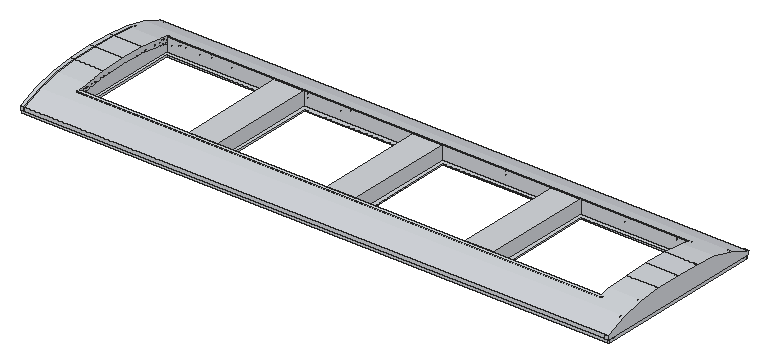
Revit family "Gira_0214773", category Electrical Fixtures, host Face, Revit 2017
Family settings
  Host = Face
  Maintain Annotation Orientation = No
  Round Connector Dimension = Use Diameter
  Part Type = Normal
  Cut with Voids When Loaded = No
  Shared = No
  Room Calculation Point = No
Parameters (values of type "Cov.fr. 4-g interm.fr. PW Gira Event Clear sand")
  With mounting grid = "No"
  With hinged lid = "No"
  URL = "http://katalog.gira.de/en/datenblatt.html?artikelnr=0214773"
  Type of fastening = "Clamp mounting"
  Transparent = "No"
  Surface protection = "Other"
  Surface finishing = "Glossy"
  Suitable for wall duct = "No"
  Suitable for flush-mounted installation = "No"
  Suitable for floor box = "No"
  Suitable for built-in installation = "No"
  Number of units vertical = "4"
  Number of units horizontal = "4"
  Number of units = "4"
  Name = "Cov.fr. 4-g interm.fr. PW Gira Event Clear sand"
  Mounting direction = "Horizontal and vertical"
  Material quality = "Thermoplastic"
  Material = "Plastic"
  Manufacturer URL = "https://www.gira.de/"
  Manufacturer = "Gira"
  Label space/information surface = "No"
  Keynote = ""
  HeinzeBIM = "https://bimportal.heinze.de/bim/cov-fr-4-g-interm-fr-pw-gira-event-clear-sand/987eacc572db3b8b13acf5b4ec7ab5f1c8947913"
  Halogen free = "Yes"
  HAN = "0214773"
  GTIN = "4010337069577"
  Description = "Cov.fr.4g i.fr.PW EvCl SD,Gira Event Clear cover frame,sand with pure white glossy intermediate frame,4-gang,Features:,- Shatter-proof."
  Degree of protection (IP) = "IP20"
  Default Elevation = 1219.2 mm
  Data sheet (1) = "https://katalog.gira.de/en/download.html?artikelnr=0214773"
  Colour = "Other"
  Category = "Cover frame for domestic switching devices"
  BIM (1) = "https://media.stage.bim.site/public/gira/36a6b08/Event_Rahmen_4fach.rfa"
  Available = "No"
Reference planes
  plane 1 "Center (Front/Back)": y = 0
  plane 2: z = 0
  plane 3 "Center (Left/Right)": x = 0
Forms (mm)
  Extrusion 1, solid, detail levels fine
    sketch origin (0, 0, 0.05) x (0, 1, 0) y (0, 0, 1)
      loop
        arc (12.445, 9.683) -> (6.223, 9.833) -> (0, 9.85) r 291.636
        arc (0, 9.85) -> (-6.223, 9.833) -> (-12.445, 9.683) r 291.636
        arc (-12.445, 9.683) -> (-29.14, 7.482) -> (-45, 1.823) r 79.728
        line (-45, 1.823) -> (-45, -0.05) -> (-42.086, -0.05)
        arc (-42.086, -0.05) -> (-21.385, 5.559) -> (0, 7.206) r 114.424
        arc (0, 7.206) -> (21.385, 5.559) -> (42.086, -0.05) r 114.424
        line (42.086, -0.05) -> (45, -0.05) -> (45, 1.823)
        arc (45, 1.823) -> (29.14, 7.482) -> (12.445, 9.683) r 79.728
    from -151.95 to 151.935
  Extrusion 2, void, detail levels fine
    sketch origin (0, 0, 0) x (1, 0, 0) y (0, 1, 0)
      loop
        line (134.95, 28.035) -> (-134.95, 28.035) -> (-134.95, -28.035) -> (134.95, -28.035) -> (134.95, 28.035)
    from 0.724 to 11
  Extrusion 3, solid, detail levels coarse
    sketch origin (0, 0, 0) x (1, 0, 0) y (0, 1, 0)
      loop
        line (-151.95, 45) -> (-151.95, -45) -> (151.935, -45) -> (151.935, 45) -> (-151.95, 45)
    from -1.5 to 9.9
  Extrusion 4, solid, detail levels medium
    sketch origin (0, 0, 0.05) x (0, 1, 0) y (0, 0, 1)
      loop
        arc (12.445, 9.683) -> (6.223, 9.833) -> (0, 9.85) r 291.636
        arc (0, 9.85) -> (-6.223, 9.833) -> (-12.445, 9.683) r 291.636
        arc (-12.445, 9.683) -> (-29.14, 7.482) -> (-45, 1.823) r 79.728
        line (-45, 1.823) -> (-45, -0.05) -> (45, -0.05) -> (45, 1.823)
        arc (45, 1.823) -> (29.14, 7.482) -> (12.445, 9.683) r 79.728
    from -151.95 to 151.935
  Extrusion 5, solid, detail levels fine
    sketch origin (-106.95, 0, -1.5) x (0, 1, 0) y (0, 0, -1)
      loop
        line (45, -3.373) -> (45, -1.5) -> (-45, -1.5) -> (-45, -3.373)
        arc (-45, -3.373) -> (-29.14, -9.032) -> (-12.445, -11.233) r 79.728
        arc (-12.445, -11.233) -> (-6.223, -11.383) -> (0, -11.4) r 291.636
        arc (0, -11.4) -> (6.223, -11.383) -> (12.445, -11.233) r 291.636
        arc (12.445, -11.233) -> (29.14, -9.032) -> (45, -3.373) r 79.728
    from 43 to 45
  Extrusion 6, solid, detail levels fine
    sketch origin (0, 0, 0) x (1, 0, 0) y (0, 1, 0)
      loop
        line (-132.85, 25.7) -> (-132.85, -25.7) -> (-81.05, -25.7) -> (-81.05, 25.7) -> (-132.85, 25.7)
      loop
        line (-9.755, -25.7) -> (-9.755, 25.7) -> (-61.555, 25.7) -> (-61.555, -25.7) -> (-9.755, -25.7)
      loop
        line (-135.845, 28.49) -> (-135.845, -28.495)
        spline (-135.845, -28.495) -> (-135.836, -28.625) -> (-135.811, -28.754) -> (-135.769, -28.878) -> (-135.711, -28.995) -> (-135.638, -29.104) -> (-135.552, -29.202) -> (-135.454, -29.288) -> (-135.345, -29.361) -> (-135.228, -29.419) -> (-135.104, -29.461) -> (-134.975, -29.486) -> (-134.845, -29.495)
        line (-134.845, -29.495) -> (134.845, -29.495)
        spline (134.845, -29.495) -> (134.975, -29.486) -> (135.104, -29.461) -> (135.228, -29.419) -> (135.345, -29.361) -> (135.454, -29.288) -> (135.552, -29.202) -> (135.638, -29.104) -> (135.711, -28.995) -> (135.769, -28.878) -> (135.811, -28.754) -> (135.836, -28.625) -> (135.845, -28.495)
        line (135.845, -28.495) -> (135.845, 28.49)
        spline (135.845, 28.49) -> (135.836, 28.62) -> (135.811, 28.748) -> (135.769, 28.872) -> (135.711, 28.99) -> (135.638, 29.098) -> (135.552, 29.197) -> (135.454, 29.283) -> (135.345, 29.356) -> (135.228, 29.413) -> (135.104, 29.456) -> (134.975, 29.481) -> (134.845, 29.49)
        line (134.845, 29.49) -> (-134.845, 29.49)
        spline (-134.845, 29.49) -> (-134.975, 29.481) -> (-135.104, 29.456) -> (-135.228, 29.413) -> (-135.345, 29.356) -> (-135.454, 29.283) -> (-135.552, 29.197) -> (-135.638, 29.098) -> (-135.711, 28.99) -> (-135.769, 28.872) -> (-135.811, 28.748) -> (-135.836, 28.62) -> (-135.845, 28.49)
      loop
        line (61.545, -25.7) -> (61.545, 25.7) -> (9.745, 25.7) -> (9.745, -25.7) -> (61.545, -25.7)
      loop
        line (132.85, -25.7) -> (132.85, 25.7) -> (81.05, 25.7) -> (81.05, -25.7) -> (132.85, -25.7)
    from 0.1 to 7.3
  Extrusion 7, solid
    sketch origin (0, 0, 0) x (1, 0, 0) y (0, 1, 0)
      loop
        arc (-151.65, -44.218) -> (-151.504, -44.572) -> (-151.15, -44.718) r 0.5
        line (-151.15, -44.718) -> (151.15, -44.718)
        arc (151.15, -44.718) -> (151.504, -44.572) -> (151.65, -44.218) r 0.5
        line (151.65, -44.218) -> (151.65, 44.182)
        arc (151.65, 44.182) -> (151.504, 44.535) -> (151.15, 44.682) r 0.5
        line (151.15, 44.682) -> (-151.15, 44.682)
        arc (-151.15, 44.682) -> (-151.504, 44.535) -> (-151.65, 44.182) r 0.5
        line (-151.65, 44.182) -> (-151.65, -44.218)
      loop
        line (-149.95, 42.982) -> (-149.95, -43.018) -> (149.95, -43.018) -> (149.95, 42.982) -> (-149.95, 42.982)
    from -1.5 to 0.5
  Extrusion 8, solid, detail levels fine
    sketch origin (106.935, 0, -1.5) x (0, 1, 0) y (0, 0, 1)
      loop
        arc (45, 3.373) -> (29.14, 9.032) -> (12.445, 11.233) r 79.728
        arc (12.445, 11.233) -> (6.223, 11.383) -> (0, 11.4) r 291.636
        arc (0, 11.4) -> (-6.223, 11.383) -> (-12.445, 11.233) r 291.636
        arc (-12.445, 11.233) -> (-29.14, 9.032) -> (-45, 3.373) r 79.728
        line (-45, 3.373) -> (-45, 1.5) -> (45, 1.5) -> (45, 3.373)
    from 43 to 45
  Extrusion 9, solid, detail levels medium
    sketch origin (0, 0, 0) x (1, 0, 0) y (0, 1, 0)
      loop
        line (-151.65, -44.718) -> (151.65, -44.718) -> (151.65, 44.682) -> (-151.65, 44.682) -> (-151.65, -44.718)
    from -1.5 to 0.5
  Extrusion 10, solid, detail levels fine
    sketch origin (-69.857, 0, 0) x (1, 0, 0) y (0, 1, 0)
      loop
        line (-8.943, 28.063) -> (-8.943, -27.937) -> (6.057, -27.937) -> (6.057, 28.063) -> (-8.943, 28.063)
    from 0.724 to 7.566
  Extrusion 11, solid, detail levels fine
    sketch origin (-1.443, 0, 0) x (-1, 0, 0) y (0, -1, 0)
      loop
        line (-8.943, -28.063) -> (6.057, -28.063) -> (6.057, 27.937) -> (-8.943, 27.937) -> (-8.943, -28.063)
    from 0.724 to 7.566
  Extrusion 12, solid, detail levels fine
    sketch origin (69.857, 0, 0) x (-1, 0, 0) y (0, -1, 0)
      loop
        line (-8.943, -28.063) -> (6.057, -28.063) -> (6.057, 27.937) -> (-8.943, 27.937) -> (-8.943, -28.063)
    from 0.724 to 7.566
Cuts and joins
  Extrusion 2 cuts Extrusion 1
  Extrusion 2 cuts Extrusion 6
Dimensions and locks
  aligned and locked: plane 2 to host face
  aligned and locked: level to host face
